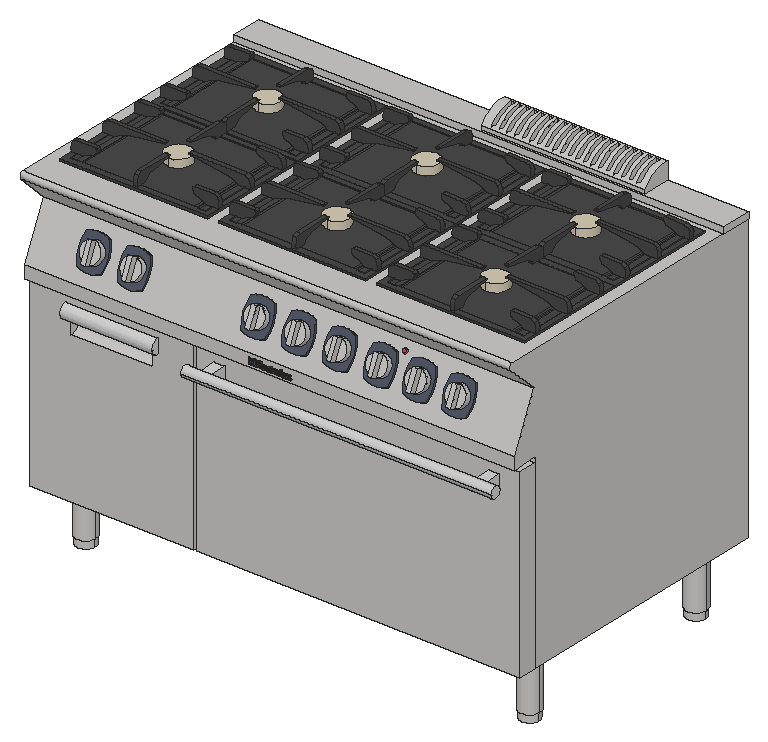
Revit family "QF_ELECTROLUXPROFESSIONAL_371006_E7GCGL6C20", category Specialty Equipment, Revit 2018
Family settings
  Round Connector Dimension = Use Diameter
  Part Type = Normal
  Work Plane-Based = No
  Always vertical = Yes
  Cut with Voids When Loaded = No
  Shared = No
  Room Calculation Point = No
Parameters
  Width = 1200 mm  # constant formula
  Weight in Pounds = 265  # constant formula
  Watts = 6000 VA  # 6000 W
  Volts = 400 V  # constant formula
  URL Cutsheet = "www.electrolux.com"
  URL = "www.electrolux.com"
  Type Mark [instance] = ""
  Status [instance] = ""
  Specification by User [instance] = ""
  Specification by Manufacturer = ""
  Show Logo [instance] = yes
  Show Clearance [instance] = yes
  Serial Number = ""
  Seismic Rating = ""
  SMACNA No = ""
  Revision Code [instance] = ""
  Phase = 3
  Omniclass Number and Title = ""
  Number of Poles [instance] = 1
  NAFEM Spec ID Number = ""
  Model = "371006"
  Min Ckt Ampacity = 0 A
  Mechanical Remarks [instance] = ""
  Mechanical Connection Type [instance] = ""
  Max Overcurrent Protection = 0 A
  Masterspec = ""
  Manufacturer = "ELECTROLUX"
  Item Number [instance] = ""
  Installed By [instance] = ""
  Identify Quantity as Lot [instance] = yes
  Height = 908.9 mm  # constant formula
  HP = "8 HP"
  Gas Size = 12.7 mm  # 1/2"
  Gas RI Height [instance] = 0 mm
  Gas KW [instance] = 33  # constant formula
  Gas Input [instance] = 0.0 Btu/h
  Gas Connection Height = 0 mm
  Furnished By [instance] = ""
  Foodservice Equipment Identifier [instance] = yes
  FL Amps = if(Phase = 3, Watts / (Volts * 1.73), Watts / Volts)  # 8.67052 A
  Electrical Remarks [instance] = "400 V/3N ph/50/60 Hz"  # constant formula
  Electric Connection Type [instance] = ""
  Elec Conn RI Height [instance] = 0 mm
  Elec Conn Connection Height [instance] = 0 mm
  Direct Waste Size = 0"
  Description = "700XP 6-Burner Gas Range on Electric Oven With Cupboard"
  Depth = 700 mm  # constant formula
  Cycle [instance] = if([60 Hertz Option], 60 Hz, 50 Hz)  # 60 Hz
  Conn Plug = ""
  Conn Conduit = yes
  CSI MasterFormat = ""
  CSI Master Format = ""
  Assembly Code = ""
  Apparent Power = if(Phase = 3, Volts * FL Amps * 1.73, Volts * FL Amps)  # 6000 VA
  60 Hertz Option [instance] = not([50 Hertz Option])  # yes
  50 Hertz Option [instance] = no
Reference planes
  plane 1 "BACK": y = 0
  plane 2: z = 0
  plane 3 "LEFT": x = 0
  plane 4 "RIGHT": x = 1200
  plane 5 "FRONT": y = -700
  plane 6 "TOP": z = 908.9
  plane 7 "Center Y": x = 600
  plane 8 "Center X": y = -350
  plane 9 "Base": z = 150
  plane 10: z = 850.9
  plane 11: y = -730.129
  plane 12: y = -1109
Forms (mm)
  Revolve 1, solid, material "QF_Finishes_Stainless Steel"
    sketch origin (1, -90, 0) x (1, 0, 0) y (0, 0, 1)
      loop
        line (55, 0) -> (55, 150) -> (29.6, 150) -> (29.6, 19.05) -> (32.1, 19.05) -> (32.1, 0) -> (55, 0)
      axis (55, 0) -> (55, 150)
    angle from 0 to 360
  Revolve 2, solid, material "QF_Finishes_Stainless Steel"
    sketch origin (1, -599.588, 0) x (1, 0, 0) y (0, 0, 1)
      loop
        line (55, 0) -> (55, 150) -> (29.6, 150) -> (29.6, 19.05) -> (32.1, 19.05) -> (32.1, 0) -> (55, 0)
      axis (55, 0) -> (55, 150)
    angle from 0 to 360
  Revolve 3, solid, material "QF_Finishes_Stainless Steel"
    sketch origin (799, -90, 0) x (-1, 0, 0) y (0, 0, -1)
      loop
        line (-345, 0) -> (-367.9, 0) -> (-367.9, -19.05) -> (-370.4, -19.05) -> (-370.4, -150) -> (-345, -150) -> (-345, 0)
      axis (-345, 0) -> (-345, -150)
    angle from 0 to 360
  Revolve 4, solid, material "QF_Finishes_Stainless Steel"
    sketch origin (799, -599.588, 0) x (-1, 0, 0) y (0, 0, -1)
      loop
        line (-345, 0) -> (-367.9, 0) -> (-367.9, -19.05) -> (-370.4, -19.05) -> (-370.4, -150) -> (-345, -150) -> (-345, 0)
      axis (-345, 0) -> (-345, -150)
    angle from 0 to 360
  Extrusion 5, solid, material "QF_Finishes_Stainless Steel"
    sketch origin (0, 0, 576.213) x (0, 1, 0) y (0, 0, 1)
      loop
        line (0, -426.213) -> (0, 274.687) -> (-721.5, 274.687)
        arc (-721.5, 274.687) -> (-729.472, 269.36) -> (-727.602, 259.956) r 8.63
        line (-727.602, 259.956) -> (-658.266, 190.62) -> (-715.962, 65.264) -> (-715.962, 33.966) -> (-655.839, 38.662)
        arc (-655.839, 38.662) -> (-653.314, 37.914) -> (-652.222, 35.518) r 3.175
        line (-652.222, 35.518) -> (-652.222, -426.213) -> (0, -426.213)
    from 0 to 1200
  Extrusion 6, solid, material "QF_Finishes_Stainless Steel"
    sketch origin (0, -652.222, 611.731) x (0, 0, -1) y (1, 0, 0)
      loop
        line (461.731, 408.5) -> (461.731, 1200) -> (9.61, 1200) -> (9.61, 408.5) -> (461.731, 408.5)
      loop
        line (461.731, 0) -> (461.731, 400.5) -> (9.61, 400.5) -> (9.61, 0) -> (461.731, 0)
      loop
        line (95.781, 100.253) -> (95.781, 300.8) -> (44.981, 300.8) -> (44.981, 100.253) -> (95.781, 100.253)
    from 3.175 to 47.778
  Extrusion 7, solid, material "QF_Finishes_Stainless Steel"
    sketch origin (0, 0, 576.213) x (0, 1, 0) y (0, 0, 1)
      loop
        line (0, 274.687) -> (0, 288.975) -> (-76.2, 288.975) -> (-76.2, 274.687) -> (0, 274.687)
    from 0 to 1200
  Extrusion 8, solid, material "QF_Finishes_Stainless Steel"
    sketch origin (0, 0, 150) x (-1, 0, 0) y (0, -1, 0)
      loop
        circle (-1147.613, 464) r 6.35
    from -8.815 to 7.722
  Extrusion 9, solid, material "QF_Finishes_Door Clearance", visible <- "Show Clearance", detail levels coarse
    sketch origin (0, 0, 0) x (0, 1, 0) y (0, 0, 1)
      loop
        line (-1109, 150) -> (-700, 150) -> (-700, 601.405)
        arc (-700, 601.405) -> (-991.543, 454.568) -> (-1109, 150) r 453.603
    from 0 to 1200
  Extrusion 10, solid, material "QF_Finishes_Clearance", visible <- "Show Clearance", detail levels coarse
    sketch origin (0, 0, 0) x (1, 0, 0) y (0, 1, 0)
      loop
        line (-150, -730.129) -> (0, -730.129) -> (0, 0) -> (1200, 0) -> (1200, -730.129) -> (1350, -730.129) -> (1350, 150) -> (-150, 150) -> (-150, -730.129)
    from 0 to 908.85
  Extrusion 11, solid, material "QF_Finishes_Handrails and Railings"
    sketch origin (400, 0, 0) x (0, 1, 0) y (0, 0, 1)
      loop
        line (-700, 580.001) -> (-738.678, 577.296)
        arc (-738.678, 577.296) -> (-739.871, 563.489) -> (-752.981, 558.993) r 12.7
        arc (-752.981, 558.993) -> (-752.44, 558.176) -> (-751.841, 557.401) r 13.441
        arc (-751.841, 557.401) -> (-750.036, 555.955) -> (-747.808, 555.335) r 5.77
        line (-747.808, 555.335) -> (-700, 551.992) -> (-700, 580.001)
    from 50.8 to 76.2
  Extrusion 12, solid, material "QF_Finishes_Handrails and Railings"
    sketch origin (1200, 0, 0) x (0, 1, 0) y (0, 0, -1)
      loop
        line (-700, -580.001) -> (-700, -551.992) -> (-747.808, -555.335)
        arc (-747.808, -555.335) -> (-750.036, -555.955) -> (-751.841, -557.401) r 5.77
        arc (-751.841, -557.401) -> (-752.44, -558.176) -> (-752.981, -558.993) r 13.441
        arc (-752.981, -558.993) -> (-739.871, -563.489) -> (-738.678, -577.296) r 12.7
        line (-738.678, -577.296) -> (-700, -580.001)
    from 50.8 to 76.2
  Extrusion 13, solid, material "QF_Finishes_Handrails and Railings"
    sketch origin (400, 0, 0) x (0, 1, 0) y (0, 0, 1)
      loop
        circle (-749.878, 571.309) r 12.7
    from 19.875 to 780.125
  Extrusion 14, solid, material "QF_Finishes_Handrails and Railings"
    sketch origin (177.525, -443.896, 1933.213) x (0, 0.885087, 0.465426) y (0, -0.465426, 0.885087)
      loop
        arc (-854.629, -1074.965) -> (-878.641, -1082.427) -> (-871.18, -1106.439) r 17.78
        line (-871.18, -1106.439) -> (-854.629, -1074.965)
    from -89.972 to 135.975
  Extrusion 15, solid, material "QF_Finishes_Stainless Steel"
    sketch origin (-22.5, 0, 28.959) x (0, 1, 0) y (0, 0, 1)
      loop
        line (-700, 486.991) -> (-657.087, 486.991) -> (-657.087, 537.791) -> (-678.147, 537.791) -> (-678.147, 511.464)
        arc (-678.147, 511.464) -> (-684.405, 495.059) -> (-700, 486.991) r 24.63
    from 122.753 to 323.3
  Extrusion 16, solid, material "QF_Finishes_Navy Blue"
    sketch origin (405.244, -713.772, 646.186) x (0, 0.418102, 0.9084) y (-1, 0, 0)
      loop
        arc (102.623, -510.47) -> (67.041, -502.846) -> (31.333, -509.853) r 90.5
        arc (31.333, -509.853) -> (24.507, -539.04) -> (31.333, -568.228) r 65.817
        arc (31.333, -568.228) -> (67.04, -575.188) -> (102.623, -567.615) r 91.066
        arc (102.623, -567.615) -> (109.179, -539.043) -> (102.623, -510.47) r 65.546
    from 0 to 3.175
  Extrusion 17, solid, material "QF_Finishes_Stainless Steel"
    sketch origin (783.994, -717.485, 645.711) x (0, 0.418102, 0.9084) y (-1, 0, 0)
      loop
        circle (68.826, -160.963) r 25.4
    from 0 to 12.7
  Extrusion 18, solid, material "QF_Finishes_Stainless Steel"
    sketch origin (783.994, -729.022, 651.021) x (0, 0.418102, 0.9084) y (-1, 0, 0)
      loop
        arc (93.558, -166.749) -> (94.226, -160.963) -> (93.558, -155.177) r 25.4
        line (93.558, -155.177) -> (44.094, -155.177)
        arc (44.094, -155.177) -> (43.426, -160.963) -> (44.094, -166.749) r 25.4
        line (44.094, -166.749) -> (93.558, -166.749)
    from 0 to 12.7
  Extrusion 19, solid, material "QF_Finishes_Navy Blue"
    sketch origin (-392.256, -713.772, 646.186) x (0, 0.418102, 0.9084) y (-1, 0, 0)
      loop
        arc (102.623, -510.47) -> (67.041, -502.846) -> (31.333, -509.853) r 90.5
        arc (31.333, -509.853) -> (24.507, -539.04) -> (31.333, -568.228) r 65.817
        arc (31.333, -568.228) -> (67.04, -575.188) -> (102.623, -567.615) r 91.066
        arc (102.623, -567.615) -> (109.179, -539.043) -> (102.623, -510.47) r 65.546
    from 0 to 3.175
  Extrusion 20, solid, material "QF_Finishes_Stainless Steel"
    sketch origin (-13.506, -717.485, 645.711) x (0, 0.418102, 0.9084) y (-1, 0, 0)
      loop
        circle (68.826, -160.963) r 25.4
    from 0 to 12.7
  Extrusion 21, solid, material "QF_Finishes_Stainless Steel"
    sketch origin (-13.506, -729.022, 651.021) x (0, 0.418102, 0.9084) y (-1, 0, 0)
      loop
        arc (93.558, -166.749) -> (94.226, -160.963) -> (93.558, -155.177) r 25.4
        line (93.558, -155.177) -> (44.094, -155.177)
        arc (44.094, -155.177) -> (43.426, -160.963) -> (44.094, -166.749) r 25.4
        line (44.094, -166.749) -> (93.558, -166.749)
    from 0 to 12.7
  Extrusion 22, solid, material "QF_Finishes_Navy Blue"
    sketch origin (-292.256, -713.772, 646.186) x (0, 0.418102, 0.9084) y (-1, 0, 0)
      loop
        arc (102.623, -510.47) -> (67.041, -502.846) -> (31.333, -509.853) r 90.5
        arc (31.333, -509.853) -> (24.507, -539.04) -> (31.333, -568.228) r 65.817
        arc (31.333, -568.228) -> (67.04, -575.188) -> (102.623, -567.615) r 91.066
        arc (102.623, -567.615) -> (109.179, -539.043) -> (102.623, -510.47) r 65.546
    from 0 to 3.175
  Extrusion 23, solid, material "QF_Finishes_Stainless Steel"
    sketch origin (86.494, -717.485, 645.711) x (0, 0.418102, 0.9084) y (-1, 0, 0)
      loop
        circle (68.826, -160.963) r 25.4
    from 0 to 12.7
  Extrusion 24, solid, material "QF_Finishes_Stainless Steel"
    sketch origin (86.494, -729.022, 651.021) x (0, 0.418102, 0.9084) y (-1, 0, 0)
      loop
        arc (93.558, -166.749) -> (94.226, -160.963) -> (93.558, -155.177) r 25.4
        line (93.558, -155.177) -> (44.094, -155.177)
        arc (44.094, -155.177) -> (43.426, -160.963) -> (44.094, -166.749) r 25.4
        line (44.094, -166.749) -> (93.558, -166.749)
    from 0 to 12.7
  Extrusion 25, void
    sketch origin (-62.611, 0, 865.138) x (-1, 0, 0) y (0, -1, 0)
      loop
        line (-695.005, 6.761) -> (-685.709, 6.761) -> (-685.709, 63.911) -> (-695.005, 63.911) -> (-695.005, 6.761)
      loop
        line (-713.697, 6.761) -> (-704.401, 6.761) -> (-704.401, 63.911) -> (-713.697, 63.911) -> (-713.697, 6.761)
      loop
        line (-732.39, 6.761) -> (-723.094, 6.761) -> (-723.094, 63.911) -> (-732.39, 63.911) -> (-732.39, 6.761)
      loop
        line (-751.082, 6.761) -> (-741.787, 6.761) -> (-741.787, 63.911) -> (-751.082, 63.911) -> (-751.082, 6.761)
      loop
        line (-769.775, 6.761) -> (-760.479, 6.761) -> (-760.479, 63.911) -> (-769.775, 63.911) -> (-769.775, 6.761)
      loop
        line (-788.468, 6.761) -> (-779.172, 6.761) -> (-779.172, 63.911) -> (-788.468, 63.911) -> (-788.468, 6.761)
      loop
        line (-807.16, 6.761) -> (-797.864, 6.761) -> (-797.864, 63.911) -> (-807.16, 63.911) -> (-807.16, 6.761)
      loop
        line (-825.853, 6.761) -> (-816.557, 6.761) -> (-816.557, 63.911) -> (-825.853, 63.911) -> (-825.853, 6.761)
      loop
        line (-844.545, 6.761) -> (-835.25, 6.761) -> (-835.25, 63.911) -> (-844.545, 63.911) -> (-844.545, 6.761)
      loop
        line (-863.238, 6.761) -> (-853.942, 6.761) -> (-853.942, 63.911) -> (-863.238, 63.911) -> (-863.238, 6.761)
      loop
        line (-881.931, 6.761) -> (-872.635, 6.761) -> (-872.635, 63.911) -> (-881.931, 63.911) -> (-881.931, 6.761)
      loop
        line (-900.623, 6.761) -> (-891.328, 6.761) -> (-891.328, 63.911) -> (-900.623, 63.911) -> (-900.623, 6.761)
      loop
        line (-919.316, 6.761) -> (-910.02, 6.761) -> (-910.02, 63.911) -> (-919.316, 63.911) -> (-919.316, 6.761)
      loop
        line (-938.008, 6.761) -> (-928.713, 6.761) -> (-928.713, 63.911) -> (-938.008, 63.911) -> (-938.008, 6.761)
      loop
        line (-956.701, 6.761) -> (-947.405, 6.761) -> (-947.405, 63.911) -> (-956.701, 63.911) -> (-956.701, 6.761)
      loop
        line (-975.394, 6.761) -> (-966.098, 6.761) -> (-966.098, 63.911) -> (-975.394, 63.911) -> (-975.394, 6.761)
      loop
        line (-994.086, 6.761) -> (-984.791, 6.761) -> (-984.791, 63.911) -> (-994.086, 63.911) -> (-994.086, 6.761)
      loop
        line (-1012.779, 6.761) -> (-1003.483, 6.761) -> (-1003.483, 63.911) -> (-1012.779, 63.911) -> (-1012.779, 6.761)
      loop
        line (-1031.472, 6.761) -> (-1022.176, 6.761) -> (-1022.176, 63.911) -> (-1031.472, 63.911) -> (-1031.472, 6.761)
      loop
        line (-1050.164, 6.761) -> (-1040.868, 6.761) -> (-1040.868, 63.911) -> (-1050.164, 63.911) -> (-1050.164, 6.761)
    from 9.525 to 45.348
  Extrusion 26, solid, material "QF_Finishes_Stainless Steel"
    sketch origin (202.4, 0, 590.5) x (0, 1, 0) y (0, 0, 1)
      loop
        line (0, 274.688) -> (0, 318.4)
        arc (0, 318.4) -> (-39.072, 309.779) -> (-69.85, 284.212) r 84.854
        line (-69.85, 284.212) -> (-69.85, 274.688) -> (0, 274.688)
    from 400 to 800
  Extrusion 27, solid, material "QF_Finishes_Navy Blue"
    sketch origin (502.744, -713.772, 646.186) x (0, 0.418102, 0.9084) y (-1, 0, 0)
      loop
        arc (102.623, -510.47) -> (67.041, -502.846) -> (31.333, -509.853) r 90.5
        arc (31.333, -509.853) -> (24.507, -539.04) -> (31.333, -568.228) r 65.817
        arc (31.333, -568.228) -> (67.04, -575.188) -> (102.623, -567.615) r 91.066
        arc (102.623, -567.615) -> (109.179, -539.043) -> (102.623, -510.47) r 65.546
    from 0 to 3.175
  Extrusion 28, solid, material "QF_Finishes_Stainless Steel"
    sketch origin (881.494, -717.485, 645.711) x (0, 0.418102, 0.9084) y (-1, 0, 0)
      loop
        circle (68.826, -160.963) r 25.4
    from 0 to 12.7
  Extrusion 29, solid, material "QF_Finishes_Stainless Steel"
    sketch origin (881.494, -729.022, 651.021) x (0, 0.418102, 0.9084) y (-1, 0, 0)
      loop
        arc (93.558, -166.749) -> (94.226, -160.963) -> (93.558, -155.177) r 25.4
        line (93.558, -155.177) -> (44.094, -155.177)
        arc (44.094, -155.177) -> (43.426, -160.963) -> (44.094, -166.749) r 25.4
        line (44.094, -166.749) -> (93.558, -166.749)
    from 0 to 12.7
  Extrusion 30, solid, material "QF_Finishes_Navy Blue"
    sketch origin (10.244, -713.772, 646.186) x (0, 0.418102, 0.9084) y (-1, 0, 0)
      loop
        arc (102.623, -510.47) -> (67.041, -502.846) -> (31.333, -509.853) r 90.5
        arc (31.333, -509.853) -> (24.507, -539.04) -> (31.333, -568.228) r 65.817
        arc (31.333, -568.228) -> (67.04, -575.188) -> (102.623, -567.615) r 91.066
        arc (102.623, -567.615) -> (109.179, -539.043) -> (102.623, -510.47) r 65.546
    from 0 to 3.175
  Extrusion 31, solid, material "QF_Finishes_Stainless Steel"
    sketch origin (388.994, -717.485, 645.711) x (0, 0.418102, 0.9084) y (-1, 0, 0)
      loop
        circle (68.826, -160.963) r 25.4
    from 0 to 12.7
  Extrusion 32, solid, material "QF_Finishes_Stainless Steel"
    sketch origin (388.994, -729.022, 651.021) x (0, 0.418102, 0.9084) y (-1, 0, 0)
      loop
        arc (93.558, -166.749) -> (94.226, -160.963) -> (93.558, -155.177) r 25.4
        line (93.558, -155.177) -> (44.094, -155.177)
        arc (44.094, -155.177) -> (43.426, -160.963) -> (44.094, -166.749) r 25.4
        line (44.094, -166.749) -> (93.558, -166.749)
    from 0 to 12.7
  Extrusion 33, solid, material "QF_Finishes_Navy Blue"
    sketch origin (110.244, -713.772, 646.186) x (0, 0.418102, 0.9084) y (-1, 0, 0)
      loop
        arc (102.623, -510.47) -> (67.041, -502.846) -> (31.333, -509.853) r 90.5
        arc (31.333, -509.853) -> (24.507, -539.04) -> (31.333, -568.228) r 65.817
        arc (31.333, -568.228) -> (67.04, -575.188) -> (102.623, -567.615) r 91.066
        arc (102.623, -567.615) -> (109.179, -539.043) -> (102.623, -510.47) r 65.546
    from 0 to 3.175
  Extrusion 34, solid, material "QF_Finishes_Stainless Steel"
    sketch origin (488.994, -717.485, 645.711) x (0, 0.418102, 0.9084) y (-1, 0, 0)
      loop
        circle (68.826, -160.963) r 25.4
    from 0 to 12.7
  Extrusion 35, solid, material "QF_Finishes_Stainless Steel"
    sketch origin (488.994, -729.022, 651.021) x (0, 0.418102, 0.9084) y (-1, 0, 0)
      loop
        arc (93.558, -166.749) -> (94.226, -160.963) -> (93.558, -155.177) r 25.4
        line (93.558, -155.177) -> (44.094, -155.177)
        arc (44.094, -155.177) -> (43.426, -160.963) -> (44.094, -166.749) r 25.4
        line (44.094, -166.749) -> (93.558, -166.749)
    from 0 to 12.7
  Extrusion 36, solid, material "QF_Finishes_Navy Blue"
    sketch origin (210.244, -713.772, 646.186) x (0, 0.418102, 0.9084) y (-1, 0, 0)
      loop
        arc (102.623, -510.47) -> (67.041, -502.846) -> (31.333, -509.853) r 90.5
        arc (31.333, -509.853) -> (24.507, -539.04) -> (31.333, -568.228) r 65.817
        arc (31.333, -568.228) -> (67.04, -575.188) -> (102.623, -567.615) r 91.066
        arc (102.623, -567.615) -> (109.179, -539.043) -> (102.623, -510.47) r 65.546
    from 0 to 3.175
  Extrusion 37, solid, material "QF_Finishes_Stainless Steel"
    sketch origin (588.994, -717.485, 645.711) x (0, 0.418102, 0.9084) y (-1, 0, 0)
      loop
        circle (68.826, -160.963) r 25.4
    from 0 to 12.7
  Extrusion 38, solid, material "QF_Finishes_Stainless Steel"
    sketch origin (588.994, -729.022, 651.021) x (0, 0.418102, 0.9084) y (-1, 0, 0)
      loop
        arc (93.558, -166.749) -> (94.226, -160.963) -> (93.558, -155.177) r 25.4
        line (93.558, -155.177) -> (44.094, -155.177)
        arc (44.094, -155.177) -> (43.426, -160.963) -> (44.094, -166.749) r 25.4
        line (44.094, -166.749) -> (93.558, -166.749)
    from 0 to 12.7
  Extrusion 39, solid, material "QF_Finishes_Navy Blue"
    sketch origin (310.244, -713.772, 646.186) x (0, 0.418102, 0.9084) y (-1, 0, 0)
      loop
        arc (102.623, -510.47) -> (67.041, -502.846) -> (31.333, -509.853) r 90.5
        arc (31.333, -509.853) -> (24.507, -539.04) -> (31.333, -568.228) r 65.817
        arc (31.333, -568.228) -> (67.04, -575.188) -> (102.623, -567.615) r 91.066
        arc (102.623, -567.615) -> (109.179, -539.043) -> (102.623, -510.47) r 65.546
    from 0 to 3.175
  Extrusion 40, solid, material "QF_Finishes_Stainless Steel"
    sketch origin (688.994, -717.485, 645.711) x (0, 0.418102, 0.9084) y (-1, 0, 0)
      loop
        circle (68.826, -160.963) r 25.4
    from 0 to 12.7
  Extrusion 41, solid, material "QF_Finishes_Stainless Steel"
    sketch origin (688.994, -729.022, 651.021) x (0, 0.418102, 0.9084) y (-1, 0, 0)
      loop
        arc (93.558, -166.749) -> (94.226, -160.963) -> (93.558, -155.177) r 25.4
        line (93.558, -155.177) -> (44.094, -155.177)
        arc (44.094, -155.177) -> (43.426, -160.963) -> (44.094, -166.749) r 25.4
        line (44.094, -166.749) -> (93.558, -166.749)
    from 0 to 12.7
  Extrusion 42, solid, material "QF_Finishes_Red"
    sketch origin (0, -658.266, 766.833) x (0, -0.418102, -0.9084) y (1, 0, 0)
      loop
        circle (22.847, 894.112) r 5
    from 0 to 1.6
  Extrusion 43, solid, material "QF_Finishes_Stainless Steel"
    sketch origin (0, -50, 150) x (-1, 0, 0) y (0, -1, 0)
      loop
        circle (-1147.613, 464) r 3.175
    from -1.55 to 7.722
  Extrusion 44, solid, material "QF_Finishes_Navy Blue", visible <- "Show Logo"
    sketch origin (261.109, -715.962, 610.773) x (0, 0, 1) y (-1, 0, 0)
      loop
        line (20.674, -296.698) -> (8.307, -296.698)
        arc (8.307, -296.698) -> (14.491, -301.27) -> (20.674, -296.698) r 6.467
      loop
        arc (20.674, -296.069) -> (19.505, -290.926) -> (14.849, -288.448) r 6.338
        line (14.849, -288.448) -> (14.849, -290.494)
        arc (14.849, -290.494) -> (16.333, -294.149) -> (19.778, -296.069) r 5.941
        line (19.778, -296.069) -> (20.674, -296.069)
      loop
        arc (9.203, -296.069) -> (12.648, -294.149) -> (14.132, -290.494) r 5.941
        line (14.132, -290.494) -> (14.132, -288.448)
        arc (14.132, -288.448) -> (9.438, -290.922) -> (8.148, -296.069) r 6.504
        line (8.148, -296.069) -> (9.203, -296.069)
      loop
        line (21.349, -287.979) -> (7.604, -287.979) -> (7.604, -301.742) -> (21.349, -301.742) -> (21.349, -287.979)
      loop
        arc (21.432, -304.71) -> (21.085, -304.352) -> (20.718, -304.69) r 0.358
        arc (20.718, -304.69) -> (20.404, -305.44) -> (19.687, -305.825) r 1.216
        line (19.687, -305.825) -> (9.274, -305.825)
        arc (9.274, -305.825) -> (8.614, -305.548) -> (8.218, -304.951) r 1.238
        arc (8.218, -304.951) -> (7.823, -304.7) -> (7.518, -305.054) r 0.358
        line (7.518, -305.054) -> (7.518, -314.933) -> (10.269, -314.933) -> (10.269, -314.036)
        arc (10.269, -314.036) -> (9.36, -313.456) -> (8.904, -312.479) r 1.928
        line (8.904, -312.479) -> (8.904, -309.98)
        arc (8.904, -309.98) -> (9.18, -309.251) -> (9.868, -308.887) r 1.101
        line (9.868, -308.887) -> (13.955, -308.887) -> (13.955, -312.561)
        arc (13.955, -312.561) -> (13.602, -313.058) -> (13.037, -313.286) r 1.083
        arc (13.037, -313.286) -> (12.773, -313.591) -> (13.065, -313.869) r 0.292
        line (13.065, -313.869) -> (16.028, -313.869)
        arc (16.028, -313.869) -> (16.33, -313.596) -> (16.092, -313.266) r 0.305
        arc (16.092, -313.266) -> (15.601, -313.018) -> (15.296, -312.561) r 1.083
        line (15.296, -312.561) -> (15.296, -308.887) -> (19.973, -308.887) -> (19.973, -312.635)
        arc (19.973, -312.635) -> (19.759, -313.39) -> (19.153, -313.888) r 1.314
        arc (19.153, -313.888) -> (18.934, -314.292) -> (19.288, -314.585) r 0.361
        line (19.288, -314.585) -> (21.432, -314.585) -> (21.432, -304.71)
      loop
        arc (20.715, -315.365) -> (20.335, -316.284) -> (19.416, -316.664) r 1.299
        line (19.416, -316.664) -> (9.837, -316.664)
        arc (9.837, -316.664) -> (8.999, -316.286) -> (8.728, -315.408) r 1.118
        line (8.728, -315.408) -> (7.518, -315.408) -> (7.518, -320.758) -> (8.706, -320.758)
        arc (8.706, -320.758) -> (8.978, -319.841) -> (9.848, -319.445) r 1.153
        line (9.848, -319.445) -> (21.92, -319.445) -> (20.715, -315.365)
      loop
        line (12.483, -323.394) -> (12.483, -329.842) -> (13.282, -329.842)
        arc (13.282, -329.842) -> (15.862, -328.857) -> (17.131, -326.404) r 3.874
        line (17.131, -326.404) -> (17.131, -324.643)
        arc (17.131, -324.643) -> (15.944, -321.778) -> (13.08, -320.592) r 4.051
        line (13.08, -320.592) -> (11.072, -320.592)
        arc (11.072, -320.592) -> (8.253, -322.077) -> (7.202, -325.084) r 4.352
        arc (7.202, -325.084) -> (7.566, -327.547) -> (8.943, -329.621) r 5.713
        line (8.943, -329.621) -> (9.892, -329.621)
        arc (9.892, -329.621) -> (9.16, -328.052) -> (8.943, -326.334) r 5.579
        arc (8.943, -326.334) -> (9.737, -324.371) -> (11.616, -323.394) r 3.057
        line (11.616, -323.394) -> (12.483, -323.394)
      loop
        line (13.742, -323.394) -> (13.742, -326.977)
        arc (13.742, -326.977) -> (15.199, -327.024) -> (16.082, -325.864) r 1.59
        line (16.082, -325.864) -> (16.082, -325.034)
        arc (16.082, -325.034) -> (15.217, -323.779) -> (13.742, -323.394) r 2.184
      loop
        arc (16.533, -339.259) -> (17.022, -337.585) -> (17.179, -335.848) r 9.023
        line (17.179, -335.848) -> (17.179, -334.486)
        arc (17.179, -334.486) -> (16.02, -331.686) -> (13.22, -330.527) r 3.959
        line (13.22, -330.527) -> (10.62, -330.527)
        arc (10.62, -330.527) -> (8.338, -331.819) -> (7.221, -334.192) r 4.331
        line (7.221, -334.192) -> (7.221, -336.327)
        arc (7.221, -336.327) -> (7.729, -337.877) -> (8.651, -339.223) r 5.772
        arc (8.651, -339.223) -> (9.412, -339.274) -> (9.499, -338.515) r 0.553
        arc (9.499, -338.515) -> (9.111, -337.781) -> (8.977, -336.962) r 2.573
        line (8.977, -336.962) -> (8.977, -335.447)
        arc (8.977, -335.447) -> (9.983, -333.806) -> (11.798, -333.163) r 2.884
        line (11.798, -333.163) -> (13.077, -333.163)
        arc (13.077, -333.163) -> (14.898, -333.723) -> (15.824, -335.388) r 2.554
        line (15.824, -335.388) -> (15.824, -336.441)
        arc (15.824, -336.441) -> (15.493, -337.369) -> (14.836, -338.104) r 2.564
        arc (14.836, -338.104) -> (14.614, -338.821) -> (15.223, -339.259) r 0.643
        line (15.223, -339.259) -> (16.533, -339.259)
      loop
        line (15.515, -339.53) -> (15.515, -341.031) -> (9.467, -341.031)
        arc (9.467, -341.031) -> (7.879, -341.688) -> (7.221, -343.276) r 2.246
        line (7.221, -343.276) -> (7.221, -344.86)
        arc (7.221, -344.86) -> (7.535, -345.725) -> (8.035, -346.496) r 4.06
        arc (8.035, -346.496) -> (8.768, -346.629) -> (9.019, -345.928) r 0.576
        arc (9.019, -345.928) -> (8.913, -345.403) -> (8.977, -344.87) r 1.69
        arc (8.977, -344.87) -> (9.519, -344.082) -> (10.425, -343.779) r 1.506
        line (10.425, -343.779) -> (15.563, -343.779) -> (15.563, -346.176) -> (16.119, -346.733) -> (16.941, -346.733) -> (16.941, -343.873) -> (20.172, -343.873) -> (15.515, -339.53)
      loop
        line (7.438, -347.63) -> (7.438, -353.017) -> (8.548, -353.017)
        arc (8.548, -353.017) -> (8.942, -352.066) -> (9.893, -351.672) r 1.345
        line (9.893, -351.672) -> (13.509, -351.672)
        arc (13.509, -351.672) -> (14.274, -352.264) -> (14.564, -353.186) r 1.615
        line (14.564, -353.186) -> (14.564, -354.742) -> (17.119, -355.427) -> (17.119, -354.044) -> (15.177, -351.485) -> (17.057, -351.485) -> (16.773, -348.779)
        arc (16.773, -348.779) -> (16.333, -348.249) -> (15.674, -348.45) r 0.621
        arc (15.674, -348.45) -> (15.274, -348.792) -> (14.78, -348.975) r 1.501
        line (14.78, -348.975) -> (9.893, -348.975)
        arc (9.893, -348.975) -> (8.942, -348.581) -> (8.548, -347.63) r 1.345
        line (8.548, -347.63) -> (7.438, -347.63)
      loop
        line (13.54, -354.964) -> (10.848, -354.964)
        arc (10.848, -354.964) -> (8.403, -356.272) -> (7.269, -358.803) r 4.288
        arc (7.269, -358.803) -> (7.205, -360.183) -> (7.269, -361.563) r 15.022
        arc (7.269, -361.563) -> (8.403, -364.094) -> (10.848, -365.401) r 4.288
        line (10.848, -365.401) -> (13.54, -365.401)
        arc (13.54, -365.401) -> (15.986, -364.094) -> (17.119, -361.563) r 4.288
        arc (17.119, -361.563) -> (17.183, -360.183) -> (17.119, -358.803) r 15.022
        arc (17.119, -358.803) -> (15.986, -356.272) -> (13.54, -354.964) r 4.288
      loop
        line (13.745, -358.078) -> (10.643, -358.078)
        arc (10.643, -358.078) -> (8.486, -360.235) -> (10.643, -362.392) r 2.157
        line (10.643, -362.392) -> (13.745, -362.392)
        arc (13.745, -362.392) -> (15.902, -360.235) -> (13.745, -358.078) r 2.157
      loop
        arc (20.726, -365.26) -> (20.355, -366.154) -> (19.461, -366.524) r 1.264
        line (19.461, -366.524) -> (9.597, -366.524)
        arc (9.597, -366.524) -> (8.727, -366.127) -> (8.455, -365.211) r 1.153
        line (8.455, -365.211) -> (7.518, -365.211) -> (7.518, -370.319) -> (8.446, -370.319)
        arc (8.446, -370.319) -> (8.805, -369.547) -> (9.597, -369.232) r 1.153
        line (9.597, -369.232) -> (21.92, -369.232) -> (20.726, -365.26)
      loop
        arc (15.846, -369.857) -> (15.647, -370.921) -> (14.678, -371.403) r 1.215
        line (14.678, -371.403) -> (9.658, -371.403)
        arc (9.658, -371.403) -> (8.043, -372.051) -> (7.322, -373.634) r 2.338
        line (7.322, -373.634) -> (7.322, -375.148)
        arc (7.322, -375.148) -> (7.497, -376.152) -> (7.999, -377.038) r 2.979
        line (7.999, -377.038) -> (7.518, -378.835) -> (7.518, -380.524) -> (16.943, -380.524) -> (16.649, -376.32) -> (15.863, -376.32)
        arc (15.863, -376.32) -> (15.507, -377.156) -> (14.755, -377.665) r 1.605
        line (14.755, -377.665) -> (9.652, -377.665)
        arc (9.652, -377.665) -> (9.232, -376.728) -> (9.159, -375.704) r 2.94
        arc (9.159, -375.704) -> (9.72, -374.603) -> (10.873, -374.16) r 1.724
        line (10.873, -374.16) -> (17.07, -374.16) -> (15.846, -369.857)
      loop
        line (16.874, -381.377) -> (15.202, -383.423) -> (12.028, -385.729) -> (8.572, -382.617)
        arc (8.572, -382.617) -> (8.335, -382.223) -> (8.357, -381.764) r 0.789
        line (8.357, -381.764) -> (7.518, -381.764) -> (7.518, -385.309) -> (8.344, -385.309)
        arc (8.344, -385.309) -> (8.686, -384.947) -> (9.176, -385.039) r 0.52
        line (9.176, -385.039) -> (10.976, -386.51) -> (8.858, -387.886)
        arc (8.858, -387.886) -> (8.457, -387.576) -> (8.37, -387.076) r 0.7
        line (8.37, -387.076) -> (7.518, -387.076) -> (7.518, -393.003) -> (8.405, -393.003)
        arc (8.405, -393.003) -> (8.472, -392.344) -> (8.866, -391.813) r 1.247
        line (8.866, -391.813) -> (13.066, -388.532) -> (15.513, -390.585) -> (16.874, -392.327) -> (16.874, -388.604) -> (15.389, -389.026) -> (13.868, -387.749) -> (15.568, -386.559) -> (16.874, -387.336) -> (16.874, -381.377)
    from 0 to 1.644
Cuts and joins
  Extrusion 25 cuts Extrusion 7
  joined: Extrusion 6, Extrusion 15
  Extrusion 25 cuts Extrusion 10
  Extrusion 25 cuts Extrusion 26
Lines and regions (mm)
  symbolic lines, style "QF-Door Swings"
    curve 1: line (0, -730.129, 150) -> (0, -1109, 150)
    curve 2: line (0, -1109, 150) -> (1200, -1109, 150)
    curve 3: line (1200, -1109, 150) -> (1200, -730.129, 150)
  symbolic lines
    curve 4: line (1200, -730.129, 150) -> (0, -730.129, 150)
    curve 5: line (0, 0, 150) -> (0, -730.129, 150)
    curve 6: line (0, -69.85, 150) -> (1200, -69.85, 150)
    curve 7: line (0, -76.2, 150) -> (1200, -76.2, 150)
    curve 8: line (1200, -730.129, 150) -> (1200, 0, 150)
    curve 9: line (0, 0, 150) -> (1200, 0, 150)
    curve 13: line (1180.125, -762.578, 150) -> (419.875, -762.578, 150)
    curve 14: line (1180.125, -737.178, 150) -> (1180.125, -762.578, 150)
    curve 15: line (1149.2, -738.678, 150) -> (1149.2, -730.129, 150)
    curve 16: line (1123.8, -738.678, 150) -> (1123.8, -730.129, 150)
    curve 17: line (1123.8, -738.678, 150) -> (1149.2, -738.678, 150)
    curve 18: line (419.875, -737.178, 150) -> (450.8, -737.178, 150)
    curve 19: line (1149.2, -737.178, 150) -> (1180.125, -737.178, 150)
    curve 20: line (632.394, -6.761, 150) -> (632.394, -63.911, 150)
    curve 21: line (632.394, -63.911, 150) -> (623.098, -63.911, 150)
    curve 22: line (623.098, -63.911, 150) -> (623.098, -6.761, 150)
    curve 23: line (623.098, -6.761, 150) -> (632.394, -6.761, 150)
    curve 24: line (838.012, -6.761, 150) -> (838.012, -63.911, 150)
    curve 25: line (838.012, -63.911, 150) -> (828.717, -63.911, 150)
    curve 26: line (828.717, -63.911, 150) -> (828.717, -6.761, 150)
    curve 27: line (828.717, -6.761, 150) -> (838.012, -6.761, 150)
    curve 28: line (819.32, -6.761, 150) -> (819.32, -63.911, 150)
    curve 29: line (819.32, -63.911, 150) -> (810.024, -63.911, 150)
    curve 30: line (810.024, -63.911, 150) -> (810.024, -6.761, 150)
    curve 31: line (810.024, -6.761, 150) -> (819.32, -6.761, 150)
    curve 32: line (800.627, -6.761, 150) -> (800.627, -63.911, 150)
    curve 33: line (800.627, -63.911, 150) -> (791.331, -63.911, 150)
    curve 34: line (791.331, -63.911, 150) -> (791.331, -6.761, 150)
    curve 35: line (791.331, -6.761, 150) -> (800.627, -6.761, 150)
    curve 36: line (781.934, -6.761, 150) -> (781.934, -63.911, 150)
    curve 37: line (781.934, -63.911, 150) -> (772.639, -63.911, 150)
    curve 38: line (772.639, -63.911, 150) -> (772.639, -6.761, 150)
    curve 39: line (772.639, -6.761, 150) -> (781.934, -6.761, 150)
    curve 40: line (763.242, -6.761, 150) -> (763.242, -63.911, 150)
    curve 41: line (763.242, -63.911, 150) -> (753.946, -63.911, 150)
    curve 42: line (753.946, -63.911, 150) -> (753.946, -6.761, 150)
    curve 43: line (753.946, -6.761, 150) -> (763.242, -6.761, 150)
    curve 44: line (744.549, -6.761, 150) -> (744.549, -63.911, 150)
    curve 45: line (744.549, -63.911, 150) -> (735.253, -63.911, 150)
    curve 46: line (735.253, -63.911, 150) -> (735.253, -6.761, 150)
    curve 47: line (735.253, -6.761, 150) -> (744.549, -6.761, 150)
    curve 48: line (725.857, -6.761, 150) -> (725.857, -63.911, 150)
    curve 49: line (725.857, -63.911, 150) -> (716.561, -63.911, 150)
    curve 50: line (716.561, -63.911, 150) -> (716.561, -6.761, 150)
    curve 51: line (716.561, -6.761, 150) -> (725.857, -6.761, 150)
    curve 52: line (707.164, -6.761, 150) -> (707.164, -63.911, 150)
    curve 53: line (707.164, -63.911, 150) -> (697.868, -63.911, 150)
    curve 54: line (697.868, -63.911, 150) -> (697.868, -6.761, 150)
    curve 55: line (697.868, -6.761, 150) -> (707.164, -6.761, 150)
    curve 56: line (688.471, -6.761, 150) -> (688.471, -63.911, 150)
    curve 57: line (688.471, -63.911, 150) -> (679.176, -63.911, 150)
    curve 58: line (679.176, -63.911, 150) -> (679.176, -6.761, 150)
    curve 59: line (679.176, -6.761, 150) -> (688.471, -6.761, 150)
    curve 60: line (669.779, -6.761, 150) -> (669.779, -63.911, 150)
    curve 61: line (669.779, -63.911, 150) -> (660.483, -63.911, 150)
    curve 62: line (660.483, -63.911, 150) -> (660.483, -6.761, 150)
    curve 63: line (660.483, -6.761, 150) -> (669.779, -6.761, 150)
    curve 64: line (651.086, -6.761, 150) -> (651.086, -63.911, 150)
    curve 65: line (651.086, -63.911, 150) -> (641.79, -63.911, 150)
    curve 66: line (641.79, -63.911, 150) -> (641.79, -6.761, 150)
    curve 67: line (641.79, -6.761, 150) -> (651.086, -6.761, 150)
    curve 68: line (987.553, -6.761, 150) -> (987.553, -63.911, 150)
    curve 69: line (987.553, -63.911, 150) -> (978.257, -63.911, 150)
    curve 70: line (978.257, -63.911, 150) -> (978.257, -6.761, 150)
    curve 71: line (978.257, -6.761, 150) -> (987.553, -6.761, 150)
    curve 72: line (968.861, -6.761, 150) -> (968.861, -63.911, 150)
    curve 73: line (968.861, -63.911, 150) -> (959.565, -63.911, 150)
    curve 74: line (959.565, -63.911, 150) -> (959.565, -6.761, 150)
    curve 75: line (959.565, -6.761, 150) -> (968.861, -6.761, 150)
    curve 76: line (950.168, -6.761, 150) -> (950.168, -63.911, 150)
    curve 77: line (950.168, -63.911, 150) -> (940.872, -63.911, 150)
    curve 78: line (940.872, -63.911, 150) -> (940.872, -6.761, 150)
    curve 79: line (940.872, -6.761, 150) -> (950.168, -6.761, 150)
    curve 80: line (931.475, -6.761, 150) -> (931.475, -63.911, 150)
    curve 81: line (931.475, -63.911, 150) -> (922.18, -63.911, 150)
    curve 82: line (922.18, -63.911, 150) -> (922.18, -6.761, 150)
    curve 83: line (922.18, -6.761, 150) -> (931.475, -6.761, 150)
    curve 84: line (912.783, -6.761, 150) -> (912.783, -63.911, 150)
    curve 85: line (912.783, -63.911, 150) -> (903.487, -63.911, 150)
    curve 86: line (903.487, -63.911, 150) -> (903.487, -6.761, 150)
    curve 87: line (903.487, -6.761, 150) -> (912.783, -6.761, 150)
    curve 88: line (894.09, -6.761, 150) -> (894.09, -63.911, 150)
    curve 89: line (894.09, -63.911, 150) -> (884.794, -63.911, 150)
    curve 90: line (884.794, -63.911, 150) -> (884.794, -6.761, 150)
    curve 91: line (884.794, -6.761, 150) -> (894.09, -6.761, 150)
    curve 92: line (875.397, -6.761, 150) -> (875.397, -63.911, 150)
    curve 93: line (875.397, -63.911, 150) -> (866.102, -63.911, 150)
    curve 94: line (866.102, -63.911, 150) -> (866.102, -6.761, 150)
    curve 95: line (866.102, -6.761, 150) -> (875.397, -6.761, 150)
    curve 96: line (856.705, -6.761, 150) -> (856.705, -63.911, 150)
    curve 97: line (856.705, -63.911, 150) -> (847.409, -63.911, 150)
    curve 98: line (847.409, -63.911, 150) -> (847.409, -6.761, 150)
    curve 99: line (847.409, -6.761, 150) -> (856.705, -6.761, 150)
    curve 100: line (1002.4, -69.85, 150) -> (1002.4, 0, 150)
    curve 101: line (602.4, -69.85, 150) -> (602.4, 0, 150)
    curve 102: line (450.8, -738.678, 150) -> (450.8, -730.129, 150)
    curve 103: line (476.2, -730.129, 150) -> (476.2, -738.678, 150)
    curve 104: line (419.875, -737.178, 150) -> (450.8, -737.178, 150)
    curve 105: line (419.875, -762.578, 150) -> (419.875, -737.178, 150)
    curve 106: line (450.8, -738.678, 150) -> (476.2, -738.678, 150)
    curve 107: line (476.2, -737.178, 150) -> (1123.8, -737.178, 150)
  symbolic lines, style "QF-Clearances", visible <- "Show Clearance", detail levels coarse
    curve 10: line (-150, -730.129, 150) -> (-150, 150, 150)
    curve 11: line (-150, 150, 150) -> (1350, 150, 150)
    curve 12: line (1350, 150, 150) -> (1350, -730.129, 150)
Dimensions and locks
  equal spacing: plane 3 "LEFT", plane 7 "Center Y", plane 4 "RIGHT"
  "Width": plane 3 "LEFT" to plane 4 "RIGHT"
  equal spacing: plane 5 "FRONT", plane 8 "Center X", plane 1 "BACK"
  "Depth": plane 5 "FRONT" to plane 1 "BACK"
  "Height": plane 6 "TOP" to level
  plane 9 "Base" to level = 150 mm
  plane 6 "TOP" to plane 10 = 58 mm  (x2)
  plane 1 "BACK" to plane 11 = 730.129 mm
  plane 1 "BACK" to plane 12 = 1109 mm
  aligned and locked: level to plane 2
Automatic sketch dimensions
  Revolve 1 sketch curve to plane 9 "Base" = 0 mm  (x2)
  Revolve 1 sketch curve to level = 0 mm
  plane 3 "LEFT" to Revolve 1 sketch curve = 30.6 mm
  Revolve 1 sketch curve to Revolve 1 sketch curve = 2.5 mm
  Revolve 1 sketch curve to Revolve 1 sketch curve = 25.4 mm
  Revolve 1 sketch curve to Revolve 1 sketch curve = 0 mm
  level to Revolve 1 sketch curve = 19.05 mm
  plane 9 "Base" to Revolve 1 sketch curve = 20 mm
  Revolve 2 sketch curve to plane 9 "Base" = 0 mm  (x2)
  Revolve 2 sketch curve to level = 0 mm
  plane 3 "LEFT" to Revolve 2 sketch curve = 30.6 mm
  Revolve 2 sketch curve to Revolve 2 sketch curve = 2.5 mm
  Revolve 2 sketch curve to Revolve 2 sketch curve = 25.4 mm
  Revolve 2 sketch curve to Revolve 2 sketch curve = 0 mm
  level to Revolve 2 sketch curve = 19.05 mm
  plane 9 "Base" to Revolve 2 sketch curve = 20 mm
  Revolve 3 sketch curve to plane 9 "Base" = 0 mm  (x2)
  Revolve 3 sketch curve to level = 0 mm
  Revolve 3 sketch curve to plane 4 "RIGHT" = 30.6 mm
  Revolve 3 sketch curve to Revolve 3 sketch curve = 2.5 mm
  Revolve 3 sketch curve to Revolve 3 sketch curve = 25.4 mm
  Revolve 3 sketch curve to Revolve 3 sketch curve = 0 mm
  plane 9 "Base" to Revolve 3 sketch curve = 20 mm
  level to Revolve 3 sketch curve = 19.05 mm
  Revolve 4 sketch curve to plane 9 "Base" = 0 mm  (x2)
  Revolve 4 sketch curve to level = 0 mm
  Revolve 4 sketch curve to plane 4 "RIGHT" = 30.6 mm
  Revolve 4 sketch curve to Revolve 4 sketch curve = 2.5 mm
  Revolve 4 sketch curve to Revolve 4 sketch curve = 25.4 mm
  Revolve 4 sketch curve to Revolve 4 sketch curve = 0 mm
  plane 9 "Base" to Revolve 4 sketch curve = 20 mm
  level to Revolve 4 sketch curve = 19.05 mm
  Extrusion 5 sketch curve to plane 10 = 0 mm
  Extrusion 5 sketch curve to plane 9 "Base" = 0 mm
  Extrusion 5 sketch curve to plane 1 "BACK" = 0 mm
  Extrusion 5 sketch curve to plane 5 "FRONT" = 47.778 mm
  Extrusion 5 sketch curve to Extrusion 5 sketch curve = 3.175 mm
  Extrusion 5 sketch curve to Extrusion 5 sketch curve = 0.442 mm
  Extrusion 5 sketch curve to plane 5 "FRONT" = 41.734 mm
  Extrusion 5 sketch curve to plane 11 = 14.167 mm
  Extrusion 5 sketch curve to plane 11 = 8.63 mm
  Extrusion 5 sketch curve to plane 11 = 2.528 mm
  Extrusion 5 sketch curve to plane 10 = 240.721 mm
  Extrusion 5 sketch curve to Extrusion 5 sketch curve = 1.552 mm
  Extrusion 5 sketch curve to Extrusion 5 sketch curve = 31.298 mm
  Extrusion 5 sketch curve to plane 10 = 84.067 mm
  Extrusion 5 sketch curve to plane 10 = 14.732 mm
  Extrusion 6 sketch curve to Extrusion 5 = 0 mm  (x3)
  Extrusion 5 to Extrusion 6 sketch curve = 0 mm
  Extrusion 5 to Extrusion 6 sketch curve = 95.781 mm
  Extrusion 5 to Extrusion 6 sketch curve = 44.981 mm
  Extrusion 5 to Extrusion 6 sketch curve = 9.61 mm  (x2)
  Extrusion 5 to Extrusion 6 sketch curve = 100.253 mm
  Extrusion 6 sketch curve to Extrusion 6 sketch curve = 200.547 mm
  Extrusion 6 sketch curve to Extrusion 6 sketch curve = 99.7 mm
  Extrusion 6 sketch curve to Extrusion 6 sketch curve = 8 mm
  Extrusion 7 sketch curve to plane 10 = 0 mm
  Extrusion 7 sketch curve to plane 1 "BACK" = 0 mm
  plane 10 to Extrusion 7 sketch curve = 14.288 mm
  Extrusion 7 sketch curve to Extrusion 7 sketch curve = 76.2 mm
  Extrusion 8 sketch curve to plane 4 "RIGHT" = 52.387 mm
  Extrusion 8 sketch curve to plane 8 "Center X" = 114 mm
  Extrusion 9 sketch curve to plane 9 "Base" = 0 mm
  Extrusion 9 sketch curve to plane 12 = 0 mm
  Extrusion 9 sketch curve to plane 5 "FRONT" = 0 mm
  Extrusion 9 sketch curve to Extrusion 9 sketch curve = 44.603 mm
  plane 11 to curve 12 = 0 mm
  curve 3 to plane 4 "RIGHT" = 0 mm
  curve 4 to plane 4 "RIGHT" = 0 mm
  plane 11 to curve 15 = 0 mm
  plane 1 "BACK" to curve 100 = 0 mm
  curve 2 to plane 3 "LEFT" = 0 mm
  curve 4 to plane 3 "LEFT" = 0 mm
  plane 11 to curve 10 = 0 mm
  plane 12 to curve 2 = 0 mm
  curve 12 to curve 4 = 150 mm
  curve 14 to plane 4 "RIGHT" = 19.875 mm
  curve 14 to curve 15 = 30.925 mm
  plane 11 to curve 107 = 7.049 mm
  curve 19 to curve 107 = 25.4 mm
  plane 1 "BACK" to curve 100 = 69.85 mm
  curve 100 to plane 4 "RIGHT" = 197.6 mm
  curve 100 to curve 68 = 14.847 mm
  curve 68 to curve 69 = 9.296 mm
  curve 70 to curve 75 = 9.397 mm
  curve 72 to curve 73 = 9.296 mm
  curve 73 to curve 77 = 9.397 mm
  curve 76 to curve 79 = 9.296 mm
  curve 77 to curve 80 = 9.397 mm
  curve 80 to curve 83 = 9.296 mm
  curve 81 to curve 85 = 9.397 mm
  curve 84 to curve 87 = 9.296 mm
  curve 85 to curve 89 = 9.397 mm
  curve 88 to curve 90 = 9.296 mm
  curve 90 to curve 92 = 9.397 mm
  curve 92 to curve 94 = 9.296 mm
  curve 93 to curve 96 = 9.397 mm
  curve 96 to curve 97 = 9.296 mm
  curve 97 to curve 24 = 9.397 mm
  curve 24 to curve 27 = 9.296 mm
  curve 25 to curve 29 = 9.397 mm
  curve 28 to curve 31 = 9.296 mm
  curve 29 to curve 33 = 9.397 mm
  curve 32 to curve 34 = 9.296 mm
  curve 33 to curve 36 = 9.397 mm
  curve 36 to curve 37 = 9.296 mm
  curve 38 to curve 40 = 9.397 mm
  curve 40 to curve 42 = 9.296 mm
  curve 42 to curve 44 = 9.397 mm
  curve 44 to curve 47 = 9.296 mm
  curve 45 to curve 48 = 9.397 mm
  curve 48 to curve 50 = 9.296 mm
  curve 49 to curve 53 = 9.397 mm
  curve 52 to curve 54 = 9.296 mm
  curve 53 to curve 56 = 9.397 mm
  curve 56 to curve 58 = 9.296 mm
  curve 58 to curve 63 = 9.397 mm
  curve 60 to curve 62 = 9.296 mm
  curve 61 to curve 64 = 9.397 mm
  curve 64 to curve 66 = 9.296 mm
  curve 66 to curve 23 = 9.397 mm
  curve 20 to curve 22 = 9.296 mm
  plane 7 "Center Y" to curve 101 = 2.4 mm
  plane 11 to curve 103 = 8.549 mm
  curve 103 to plane 7 "Center Y" = 123.8 mm
  plane 11 to curve 104 = 7.049 mm
  curve 107 to curve 104 = 25.4 mm
  curve 102 to curve 13 = 30.925 mm
  curve 11 to plane 3 "LEFT" = 150 mm
  curve 12 to plane 1 "BACK" = 150 mm
  plane 1 "BACK" to curve 86 = 6.761 mm
  plane 1 "BACK" to curve 83 = 6.761 mm
  plane 1 "BACK" to curve 88 = 6.761 mm
  plane 1 "BACK" to curve 92 = 6.761 mm
  plane 1 "BACK" to curve 79 = 6.761 mm
  plane 1 "BACK" to curve 54 = 6.761 mm
  plane 1 "BACK" to curve 99 = 6.761 mm
  plane 1 "BACK" to curve 75 = 6.761 mm
  plane 1 "BACK" to curve 20 = 6.761 mm
  plane 1 "BACK" to curve 71 = 6.761 mm
  plane 1 "BACK" to curve 24 = 6.761 mm
  plane 1 "BACK" to curve 67 = 6.761 mm
  plane 1 "BACK" to curve 28 = 6.761 mm
  plane 1 "BACK" to curve 63 = 6.761 mm
  plane 1 "BACK" to curve 32 = 6.761 mm
  plane 1 "BACK" to curve 59 = 6.761 mm
  plane 1 "BACK" to curve 36 = 6.761 mm
  plane 1 "BACK" to curve 51 = 6.761 mm
  plane 1 "BACK" to curve 40 = 6.761 mm
  plane 1 "BACK" to curve 47 = 6.761 mm
  curve 46 to curve 46 = 57.15 mm
  curve 44 to curve 42 = 0 mm
  curve 48 to curve 45 = 0 mm
  curve 40 to curve 38 = 0 mm
  curve 52 to curve 49 = 0 mm
  curve 94 to curve 94 = 57.15 mm
  curve 36 to curve 34 = 0 mm
  curve 56 to curve 53 = 0 mm
  curve 32 to curve 30 = 0 mm
  curve 60 to curve 57 = 0 mm
  curve 28 to curve 26 = 0 mm
  curve 64 to curve 61 = 0 mm
  curve 22 to curve 65 = 0 mm
  curve 68 to curve 100 = 5.939 mm
  curve 96 to curve 93 = 0 mm
  curve 72 to curve 69 = 0 mm
  curve 76 to curve 73 = 0 mm
  curve 92 to curve 90 = 0 mm
  curve 80 to curve 77 = 0 mm
  curve 88 to curve 86 = 0 mm
  curve 6 to curve 7 = 6.35 mm
  plane 11 to curve 19 = 7.049 mm
  curve 19 to curve 15 = 1.5 mm
  curve 14 to curve 13 = 25.4 mm
  plane 11 to Extrusion 10 sketch curve = 0 mm  (x2)
  Extrusion 10 sketch curve to plane 3 "LEFT" = 0 mm
  plane 1 "BACK" to Extrusion 10 sketch curve = 0 mm
  Extrusion 10 sketch curve to plane 4 "RIGHT" = 0 mm
  Extrusion 10 sketch curve to plane 3 "LEFT" = 150 mm
  plane 4 "RIGHT" to Extrusion 10 sketch curve = 150 mm
  Extrusion 10 sketch curve to plane 1 "BACK" = 150 mm
  Extrusion 11 sketch curve to plane 5 "FRONT" = 0 mm
  plane 11 to Extrusion 11 sketch curve = 8.549 mm
  plane 11 to Extrusion 11 sketch curve = 11.379 mm
  Extrusion 11 sketch curve to Extrusion 11 sketch curve = 5.898 mm
  Extrusion 11 sketch curve to Extrusion 11 sketch curve = 0.402 mm
  Extrusion 11 sketch curve to Extrusion 11 sketch curve = 8.37 mm
  Extrusion 11 sketch curve to Extrusion 11 sketch curve = 4.033 mm
  Extrusion 11 sketch curve to Extrusion 11 sketch curve = 0 mm  (x2)
  Extrusion 11 sketch curve to Extrusion 11 sketch curve = 1.139 mm
  Extrusion 11 sketch curve to plane 10 = 298.908 mm
  Extrusion 11 sketch curve to Extrusion 11 sketch curve = 3.343 mm
  Extrusion 11 sketch curve to Extrusion 11 sketch curve = 2.066 mm
  Extrusion 11 sketch curve to Extrusion 11 sketch curve = 5.312 mm
  Extrusion 11 sketch curve to Extrusion 11 sketch curve = 28.009 mm
  Extrusion 12 sketch curve to plane 5 "FRONT" = 0 mm
  plane 11 to Extrusion 12 sketch curve = 8.549 mm
  plane 11 to Extrusion 12 sketch curve = 11.379 mm
  Extrusion 12 sketch curve to Extrusion 12 sketch curve = 5.898 mm
  Extrusion 12 sketch curve to Extrusion 12 sketch curve = 0.402 mm
  Extrusion 12 sketch curve to Extrusion 12 sketch curve = 8.37 mm
  Extrusion 12 sketch curve to Extrusion 12 sketch curve = 4.033 mm
  Extrusion 12 sketch curve to Extrusion 12 sketch curve = 0 mm  (x2)
  Extrusion 12 sketch curve to Extrusion 12 sketch curve = 1.139 mm
  Extrusion 12 sketch curve to plane 10 = 270.899 mm
  Extrusion 12 sketch curve to Extrusion 12 sketch curve = 2.705 mm
  Extrusion 12 sketch curve to Extrusion 12 sketch curve = 5.987 mm
  Extrusion 12 sketch curve to Extrusion 12 sketch curve = 5.312 mm
  Extrusion 12 sketch curve to Extrusion 12 sketch curve = 28.009 mm
  plane 11 to Extrusion 13 sketch curve = 19.749 mm
  Extrusion 13 sketch curve to plane 10 = 279.591 mm
  Extrusion 14 sketch curve to plane 5 "FRONT" = 0 mm  (x3)
  Extrusion 14 sketch curve to plane 10 = 302.451 mm
  Extrusion 14 sketch curve to Extrusion 14 sketch curve = 8.275 mm
  Extrusion 15 sketch curve to plane 5 "FRONT" = 0 mm
  plane 5 "FRONT" to Extrusion 15 sketch curve = 2.777 mm
  Extrusion 15 sketch curve to plane 5 "FRONT" = 21.853 mm
  Extrusion 15 sketch curve to Extrusion 15 sketch curve = 21.059 mm
  Extrusion 15 sketch curve to plane 10 = 334.95 mm
  Extrusion 15 sketch curve to Extrusion 15 sketch curve = 26.327 mm
  Extrusion 16 sketch curve to plane 4 "RIGHT" = 284.904 mm
  Extrusion 16 sketch curve to Extrusion 16 sketch curve = 0 mm
  Extrusion 16 sketch curve to Extrusion 16 sketch curve = 12.3 mm  (x3)
  Extrusion 16 sketch curve to Extrusion 16 sketch curve = 34.925 mm  (x2)
  Extrusion 16 sketch curve to Extrusion 16 sketch curve = 46.691 mm
  Extrusion 16 sketch curve to Extrusion 16 sketch curve = 0.617 mm
  Extrusion 16 sketch curve to Extrusion 16 sketch curve = 28.57 mm
  Extrusion 16 sketch curve to Extrusion 16 sketch curve = 29.185 mm
  Extrusion 18 sketch curve to Extrusion 18 sketch curve = 24.732 mm
  Extrusion 18 sketch curve to Extrusion 18 sketch curve = 0 mm
  plane 3 "LEFT" to Extrusion 19 sketch curve = 117.596 mm
  Extrusion 19 sketch curve to Extrusion 19 sketch curve = 0 mm
  Extrusion 19 sketch curve to Extrusion 19 sketch curve = 12.3 mm  (x3)
  Extrusion 19 sketch curve to Extrusion 19 sketch curve = 34.925 mm  (x2)
  Extrusion 19 sketch curve to Extrusion 19 sketch curve = 46.691 mm
  Extrusion 19 sketch curve to Extrusion 19 sketch curve = 0.617 mm
  Extrusion 19 sketch curve to Extrusion 19 sketch curve = 28.57 mm
  Extrusion 19 sketch curve to Extrusion 19 sketch curve = 29.185 mm
  Extrusion 21 sketch curve to Extrusion 21 sketch curve = 24.732 mm
  Extrusion 21 sketch curve to Extrusion 21 sketch curve = 0 mm
  plane 3 "LEFT" to Extrusion 22 sketch curve = 217.596 mm
  Extrusion 22 sketch curve to Extrusion 22 sketch curve = 0 mm
  Extrusion 22 sketch curve to Extrusion 22 sketch curve = 12.3 mm  (x3)
  Extrusion 22 sketch curve to Extrusion 22 sketch curve = 34.925 mm  (x2)
  Extrusion 22 sketch curve to Extrusion 22 sketch curve = 46.691 mm
  Extrusion 22 sketch curve to Extrusion 22 sketch curve = 0.617 mm
  Extrusion 22 sketch curve to Extrusion 22 sketch curve = 28.57 mm
  Extrusion 22 sketch curve to Extrusion 22 sketch curve = 29.185 mm
  Extrusion 24 sketch curve to Extrusion 24 sketch curve = 24.732 mm
  Extrusion 24 sketch curve to Extrusion 24 sketch curve = 0 mm
  plane 1 "BACK" to Extrusion 25 sketch curve = 63.911 mm  (x2)
  Extrusion 25 sketch curve to plane 4 "RIGHT" = 212.447 mm
  Extrusion 25 sketch curve to Extrusion 25 sketch curve = 9.296 mm  (x20)
  Extrusion 25 sketch curve to Extrusion 25 sketch curve = 9.397 mm  (x19)
  Extrusion 25 sketch curve to Extrusion 25 sketch curve = 0 mm  (x18)
  plane 1 "BACK" to Extrusion 25 sketch curve = 6.761 mm  (x20)
  Extrusion 26 sketch curve to plane 1 "BACK" = 0 mm
  Extrusion 26 sketch curve to plane 6 "TOP" = 0 mm
  plane 1 "BACK" to Extrusion 26 sketch curve = 1.769 mm
  plane 10 to Extrusion 26 sketch curve = 23.812 mm
  plane 1 "BACK" to Extrusion 26 sketch curve = 69.85 mm
  plane 10 to Extrusion 26 sketch curve = 14.288 mm
  Extrusion 27 sketch curve to plane 4 "RIGHT" = 187.404 mm
  Extrusion 27 sketch curve to Extrusion 27 sketch curve = 0 mm
  Extrusion 27 sketch curve to Extrusion 27 sketch curve = 12.3 mm  (x3)
  Extrusion 27 sketch curve to Extrusion 27 sketch curve = 34.925 mm  (x2)
  Extrusion 27 sketch curve to Extrusion 27 sketch curve = 46.691 mm
  Extrusion 27 sketch curve to Extrusion 27 sketch curve = 0.617 mm
  Extrusion 27 sketch curve to Extrusion 27 sketch curve = 28.57 mm
  Extrusion 27 sketch curve to Extrusion 27 sketch curve = 29.185 mm
  Extrusion 29 sketch curve to Extrusion 29 sketch curve = 24.732 mm
  Extrusion 29 sketch curve to Extrusion 29 sketch curve = 0 mm
  Extrusion 30 sketch curve to plane 7 "Center Y" = 79.904 mm
  Extrusion 30 sketch curve to plane 7 "Center Y" = 21.528 mm
  Extrusion 30 sketch curve to Extrusion 30 sketch curve = 0 mm
  Extrusion 30 sketch curve to Extrusion 30 sketch curve = 12.3 mm  (x3)
  plane 7 "Center Y" to Extrusion 30 sketch curve = 3.586 mm
  Extrusion 30 sketch curve to Extrusion 30 sketch curve = 34.925 mm  (x2)
  Extrusion 30 sketch curve to Extrusion 30 sketch curve = 46.691 mm
  Extrusion 30 sketch curve to plane 7 "Center Y" = 22.141 mm
  Extrusion 32 sketch curve to Extrusion 32 sketch curve = 24.732 mm
  Extrusion 32 sketch curve to Extrusion 32 sketch curve = 0 mm
  plane 7 "Center Y" to Extrusion 33 sketch curve = 20.096 mm
  Extrusion 33 sketch curve to Extrusion 33 sketch curve = 0 mm
  Extrusion 33 sketch curve to Extrusion 33 sketch curve = 12.3 mm  (x3)
  Extrusion 33 sketch curve to Extrusion 33 sketch curve = 34.925 mm  (x2)
  Extrusion 33 sketch curve to plane 7 "Center Y" = 5.631 mm
  Extrusion 33 sketch curve to Extrusion 33 sketch curve = 46.691 mm
  plane 7 "Center Y" to Extrusion 33 sketch curve = 20.714 mm
  Extrusion 33 sketch curve to Extrusion 33 sketch curve = 25.114 mm
  Extrusion 35 sketch curve to Extrusion 35 sketch curve = 24.732 mm
  Extrusion 35 sketch curve to Extrusion 35 sketch curve = 0 mm
  plane 7 "Center Y" to Extrusion 36 sketch curve = 120.096 mm
  Extrusion 36 sketch curve to Extrusion 36 sketch curve = 0 mm
  Extrusion 36 sketch curve to Extrusion 36 sketch curve = 12.3 mm  (x3)
  Extrusion 36 sketch curve to Extrusion 36 sketch curve = 34.925 mm  (x2)
  Extrusion 36 sketch curve to Extrusion 36 sketch curve = 46.691 mm
  Extrusion 36 sketch curve to Extrusion 36 sketch curve = 0.617 mm
  Extrusion 36 sketch curve to Extrusion 36 sketch curve = 28.57 mm
  Extrusion 36 sketch curve to Extrusion 36 sketch curve = 29.185 mm
  Extrusion 38 sketch curve to Extrusion 38 sketch curve = 24.732 mm
  Extrusion 38 sketch curve to Extrusion 38 sketch curve = 0 mm
  plane 7 "Center Y" to Extrusion 39 sketch curve = 220.096 mm
  Extrusion 39 sketch curve to Extrusion 39 sketch curve = 0 mm
  Extrusion 39 sketch curve to Extrusion 39 sketch curve = 12.3 mm  (x3)
  Extrusion 39 sketch curve to Extrusion 39 sketch curve = 34.925 mm  (x2)
  Extrusion 39 sketch curve to Extrusion 39 sketch curve = 46.691 mm
  Extrusion 39 sketch curve to Extrusion 39 sketch curve = 0.617 mm
  Extrusion 39 sketch curve to Extrusion 39 sketch curve = 28.57 mm
  Extrusion 39 sketch curve to Extrusion 39 sketch curve = 29.185 mm
  Extrusion 41 sketch curve to Extrusion 41 sketch curve = 24.732 mm
  Extrusion 41 sketch curve to Extrusion 41 sketch curve = 0 mm
  Extrusion 5 to Extrusion 42 sketch curve = 22.847 mm
  Extrusion 5 to Extrusion 42 sketch curve = 305.888 mm
  Extrusion 43 sketch curve to plane 4 "RIGHT" = 52.387 mm
  Extrusion 43 sketch curve to plane 8 "Center X" = 164 mm
  plane 7 "Center Y" to Extrusion 44 sketch curve = 21.292 mm
  Extrusion 44 sketch curve to plane 10 = 237.967 mm
  Extrusion 44 sketch curve to plane 7 "Center Y" = 13.807 mm
  Extrusion 44 sketch curve to Extrusion 44 sketch curve = 5.041 mm
  plane 7 "Center Y" to Extrusion 44 sketch curve = 5.969 mm
